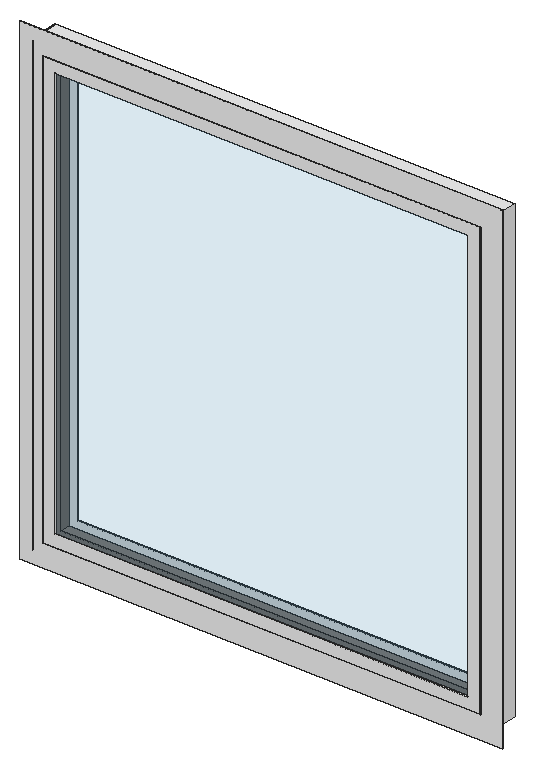
Revit family "Casement_28_D_Side_Hung_Standard", category Windows, host Wall, Revit 2014
Parameters (values of type "Casement_Sash_DG")
  Width Sash [instance] = 30 mm
  Width Sash Inner = 15 mm
  Width Bead = 15 mm
  Top Hung [instance] = yes
  Side Hung Right [instance] = yes
  Side Hung Left [instance] = yes
  Sash Opening Width [instance] = 600 mm
  Sash Opening Height [instance] = 600.312 mm
  Sash Lip = 15 mm
  Glazing Material [instance] = Glass
  DG Start Piece 2 [instance] = DG End Piece 1 + DG Gasket Thickness  # 25 mm
  DG Start Peice 1 [instance] = (Depth Sash - (2 * DG Glazing Thickness) - DG Gasket Thickness) / 2  # 6.6 mm
  Glazing Offset = 5 mm
  DG Glazing Thickness [instance] = 6.4 mm
  DG Gasket Thickness = 12 mm  # constant formula
  DG Gasket Material [instance] = Double Glazing Gasket Material
  DG End Piece 2 [instance] = DG Start Piece 2 + DG Glazing Thickness  # 31.4 mm
  DG End Piece 1 [instance] = DG Start Peice 1 + DG Glazing Thickness  # 13 mm
  Depth Sash [instance] = 38 mm
  Center Vertical Sash [instance] = Sash Opening Height / 2  # 300.156 mm
  Center Horizontal Sash [instance] = Sash Opening Width / 2  # 300 mm
  Bottom Hung [instance] = yes
  Bead Offset = 15 mm
  Aluminium Thickness = 1 mm
  Aluminium Material [instance] = White Powder Coated Aluminium
Reference planes
  plane 1 "Center (Front/Back)": y = 0
  plane 2: z = 0
  plane 3 "Center (Left/Right)": x = 0
Forms (mm)
  Sweep 1, solid, material "White Powder Coated Aluminium" <- "Aluminium Material"
    path origin (16.177, 0, 121.331) x (1, 0, 0) y (0, 0, 1)
      loop
        line (0, 0) -> (600, 0) -> (600, 600.312) -> (0, 600.312) -> (0, 0)
    profile origin (316.177, 0, 121.331) x (0, 0, 1) y (0, -1, 0)
      loop
        line (0, 0) -> (30, 0) -> (30, 1) -> (15, 1) -> (15, 38) -> (-15, 38) -> (-15, 37) -> (0, 37) -> (0, 0)
      loop
        line (14, 1) -> (14, 37) -> (1, 37) -> (1, 1) -> (14, 1)
  Sweep 2, solid, material "White Powder Coated Aluminium" <- "Aluminium Material"
    path origin (0, 0, 0) x (1, 0, 0) y (0, 0, 1)
      loop
        line (31.177, 706.643) -> (31.177, 136.331) -> (601.177, 136.331) -> (601.177, 706.643) -> (31.177, 706.643)
    profile origin (316.177, 0, 706.643) x (0, 0, 1) y (0, -1, 0)
      loop
        line (0, 37) -> (0, 38) -> (-15, 38) -> (-15, 37) -> (0, 37)
  Extrusion 3, solid, material "Glass" <- "Glazing Material"
    sketch origin (0, 0, 0) x (1, 0, 0) y (0, 0, 1)
      loop
        line (36.177, 701.643) -> (36.177, 141.331) -> (596.177, 141.331) -> (596.177, 701.643) -> (36.177, 701.643)
    from 6.6 <- "DG Start Peice 1" to 13 <- "DG End Piece 1"
  Extrusion 4, solid, material "Glass" <- "Glazing Material"
    sketch origin (0, 0, 0) x (1, 0, 0) y (0, 0, 1)
      loop
        line (36.177, 701.643) -> (36.177, 141.331) -> (596.177, 141.331) -> (596.177, 701.643) -> (36.177, 701.643)
    from 31.4 <- "DG End Piece 2" to 25 <- "DG Start Piece 2"
  Sweep 5, solid, material "Double Glazing Gasket Material" <- "DG Gasket Material"
    path origin (0, -13, 0) x (1, 0, 0) y (0, 0, 1)
      loop
        line (36.177, 701.643) -> (36.177, 141.331) -> (596.177, 141.331) -> (596.177, 701.643) -> (36.177, 701.643)
    profile origin (316.177, -13, 701.643) x (0, 0, 1) y (0, -1, 0)
      loop
        line (0, 0) -> (0, 12) -> (-7.96, 12) -> (-7.96, 0) -> (0, 0)
Lines and regions (mm)
  model lines
    curve 1: line (1.177, -38, 736.643) -> (31.177, -38, 706.643)
    curve 2: line (601.177, -38, 706.643) -> (631.177, -38, 736.643)
    curve 3: line (601.177, -38, 136.331) -> (631.177, -38, 106.331)
    curve 4: line (1.177, -38, 106.331) -> (31.177, -38, 136.331)
    curve 5: line (631.177, -37, 736.643) -> (616.177, -37, 721.643)
    curve 6: line (1.177, -37, 736.643) -> (16.177, -37, 721.643)
    curve 7: line (1.177, -37, 106.331) -> (16.177, -37, 121.331)
    curve 8: line (631.177, -37, 106.331) -> (616.177, -37, 121.331)
    curve 9: line (616.177, 0, 121.331) -> (586.177, 0, 151.331)
    curve 10: line (46.177, 0, 151.331) -> (16.177, 0, 121.331)
    curve 11: line (616.177, 0, 721.643) -> (586.177, 0, 691.643)
    curve 12: line (46.177, 0, 691.643) -> (16.177, 0, 721.643)
    curve 13: line (31.177, -38, 691.643) -> (46.177, -38, 691.643)
    curve 14: line (586.177, -38, 691.643) -> (601.177, -38, 691.643)
    curve 15: line (586.177, -38, 151.331) -> (601.177, -38, 151.331)
    curve 16: line (31.177, -38, 151.331) -> (46.177, -38, 151.331)
  model lines, style "GenericModelHiddenLines", visible <- "Top Hung"
    curve 17: line (46.386, -31.4, 690.914) -> (316.177, -31.4, 151.331)
    curve 18: line (316.177, -31.4, 151.331) -> (586.177, -31.4, 691.331)
  model lines, style "GenericModelHiddenLines", visible <- "Bottom Hung"
    curve 19: line (46.177, -31.4, 151.331) -> (316.177, -31.4, 691.331)
    curve 20: line (316.177, -31.4, 691.331) -> (586.177, -31.4, 151.331)
  model lines, style "GenericModelHiddenLines", visible <- "Side Hung Left"
    curve 21: line (46.386, -31.4, 690.914) -> (585.24, -31.4, 421.487)
    curve 22: line (585.24, -31.4, 421.487) -> (46.177, -31.4, 151.331)
  model lines, style "GenericModelHiddenLines", visible <- "Side Hung Right"
    curve 23: line (586.177, -31.4, 691.331) -> (46.177, -31.4, 421.487)
    curve 24: line (46.177, -31.4, 421.487) -> (586.177, -31.4, 151.331)
Dimensions and locks
  "Aluminium Thickness": Sweep 1 sketch curve to Sweep 1 sketch curve  (x4)
  "Depth Sash": Sweep 1 sketch curve to Sweep 1 sketch curve
  "Sash Opening Width": Sweep 1 to Sweep 1
  "Sash Opening Height": Sweep 1 to Sweep 1
  "Width Sash": Sweep 1 sketch curve to Sweep 1 sketch curve  (x2)
  "Width Sash Inner": Sweep 1 sketch curve to Sweep 1 sketch curve
  "Sash Lip": Sweep 1 sketch curve to Sweep 1 sketch curve
  "Aluminium Thickness": Sweep 1 to Sweep 2 sketch curve
  "Glazing Offset": Sweep 2 to Extrusion 3 sketch curve  (x3)
  "Glazing Offset": Extrusion 3 sketch curve to Sweep 2
  Sweep 1 to Sweep 1 = 1 mm
  "Aluminium Thickness": Sweep 2 sketch curve to Sweep 2 sketch curve
  "Width Bead": Sweep 2 sketch curve to Sweep 2 sketch curve
  locked: Sweep 5 sketch curve to Sweep 5 sketch curve at 7.96
  "Center Horizontal Sash": Sweep 1 to curve 18
  "Center Horizontal Sash": Sweep 1 to curve 20
  "Center Vertical Sash": Sweep 1 to curve 22
  "Center Vertical Sash": Sweep 1 to curve 24
  aligned and locked: level to plane 2
  aligned and locked: Sweep 1 sketch curve to Sweep 1 sketch curve  (x2)
  aligned and locked: Sweep 2 sketch curve to Sweep 1  (x5)
  aligned and locked: Extrusion 4 sketch curve to Extrusion 3  (x4)
  aligned and locked: Sweep 5 sketch curve to Extrusion 3  (x5)
  aligned and locked: Extrusion 3 to Sweep 5 sketch curve
Automatic sketch dimensions
  plane 3 "Center (Left/Right)" to Sweep 1 sketch curve = 16.177 mm
  level to Sweep 1 sketch curve = 121.331 mm
  plane 3 "Center (Left/Right)" to Sweep 1 sketch curve = 616.177 mm
  level to Sweep 1 sketch curve = 721.643 mm
  profile plane to Sweep 5 sketch curve = 12 mm
  curve 7 to Sweep 1 = 0 mm  (x4)
  curve 6 to Sweep 1 = 0 mm  (x3)
  Sweep 1 to curve 6 = 0 mm
  curve 5 to Sweep 1 = 0 mm  (x3)
  curve 8 to Sweep 1 = 0 mm  (x4)
  Sweep 1 to curve 5 = 0 mm
  curve 16 to Sweep 2 = 0 mm  (x3)
  curve 13 to Sweep 2 = 0 mm  (x3)
  curve 15 to Sweep 2 = 0 mm
  Sweep 2 to curve 15 = 0 mm  (x2)
  curve 14 to Sweep 2 = 0 mm  (x2)
  Sweep 2 to curve 14 = 0 mm
  curve 1 to Sweep 1 = 0 mm  (x4)
  curve 4 to Sweep 1 = 0 mm  (x3)
  Sweep 1 to curve 4 = 0 mm
  curve 3 to Sweep 1 = 0 mm  (x3)
  curve 2 to Sweep 1 = 0 mm  (x4)
  Sweep 1 to curve 3 = 0 mm
  curve 10 to Sweep 1 = 0 mm  (x4)
  curve 12 to Sweep 1 = 0 mm  (x3)
  Sweep 1 to curve 12 = 0 mm
  curve 9 to Sweep 1 = 0 mm  (x4)
  curve 11 to Sweep 1 = 0 mm  (x3)
  Sweep 1 to curve 11 = 0 mm
  Sweep 1 sketch curve to plane 1 "Center (Front/Back)" = 0 mm
  profile plane to Sweep 1 sketch curve = 0 mm
  curve 21 to Extrusion 4 = 10.208 mm
  curve 19 to Extrusion 4 = 10 mm
  curve 23 to Extrusion 4 = 10 mm  (x2)
  curve 22 to Extrusion 4 = 10.937 mm
  curve 20 to Extrusion 4 = 10 mm
  curve 24 to Extrusion 4 = 10 mm
  curve 22 to Extrusion 4 = 10 mm
  curve 18 to Extrusion 4 = 10 mm
  curve 21 to Extrusion 4 = 10.729 mm
  curve 19 to Extrusion 4 = 10.312 mm
  curve 18 to Extrusion 4 = 10.312 mm
Types in the file's own list only (6): name | Windload Design | Width Sash Opening | Width Sash | Width Profile | Width Panel 3 | Width Panel 1 | Width | URL | Offset Window Exterior | Max Pane Area | Limit Fixed Pane Height Min | Limit Fixed Pane Height Max | Intruderprufe U Value | Intruderprufe SHGC Value | Intruderprufe LowE U Value | Intruderprufe LowE SHGC Value | Height | Energy Advantage U Value | Energy Advantage SHGC Value | Custom Window Width | Custom Window Height | Window Exterior Offset | Custom Windload | Sash Width | Custom Sash Height | Single Glazing | Sash Spacing Inner | Sash Overlap | Sash Center Offset | SG Gasket Thickness | Offset Sash Left | Offset Sash Top | Offset Panel 3 Bead Top | Offset Transom Top | Offset Bead SG Center Reversed | Model | Manufacturer | Limit Window Width Min | Limit Window Width Max | Limit Window Height Min | Limit Window Height Max | Limit Sash Width Min | Limit Sash Width Max | Limit Sash Height Min | Limit Sash Height Max | Length Transom | Height Sash Opening | Height Sash | Height Panel 3 | Height Panel 1 | Description | Frame Center Offset | Depth Bead | Default Sill Height | Wall Closure | Clearvue U Value | Clearvue SHGC Value | Casement Dimension | Bead SG Gap | Area Pane Top | Area Pane Bottom
  28-0615S-1000Pa | 1000 mm | 544 mm | 514 mm | 30 mm | 530 mm | 530 mm | 590 mm | "http://www.crealco.co.za/crealco-products.php" | 14 mm | 0.51 m² | 200 mm | 1800 mm | 6.08 | 0.556 | 4.65 | 0.489 | 1490 mm | 4.71 | 0.53 | 590 mm | 1490 mm | 0 mm | 1000 mm | 544 mm | 1154 mm | Yes | 8 mm | 7 mm | 11 mm | 6 mm | 23 mm | 23 mm | 1200 mm | 1170 mm | 14 mm | "Casement 28" | "Crealco" | 346 mm | 646 mm | 1430 mm | 3030 mm | 300 mm | 600 mm | 300 mm | 1200 mm | 530 mm | 1154 mm | 1124 mm | 260 mm | 1140 mm | "Window 28mm, Type D side hung" | 14 mm | 14 mm | 800 mm | By host | 6.13 | 0.581 | 28 mm | 13 mm | 0.51 m² | 0.13 m²
  28-0618S-1000Pa | 1000 mm | 544 mm | 514 mm | 30 mm | 530 mm | 530 mm | 590 mm | "http://www.crealco.co.za/crealco-products.php" | 14 mm | 0.51 m² | 200 mm | 1800 mm | 6.04 | 0.577 | 4.56 | 0.508 | 1790 mm | 4.63 | 0.549 | 590 mm | 1790 mm | 0 mm | 1000 mm | 544 mm | 1154 mm | Yes | 8 mm | 7 mm | 11 mm | 6 mm | 23 mm | 23 mm | 1200 mm | 1170 mm | 14 mm | "Casement 28" | "Crealco" | 346 mm | 646 mm | 1430 mm | 3030 mm | 300 mm | 600 mm | 300 mm | 1200 mm | 530 mm | 1154 mm | 1124 mm | 560 mm | 1140 mm | "Window 28mm, Type D side hung" | 14 mm | 14 mm | 800 mm | By host | 6.11 | 605 | 28 mm | 13 mm | 0.51 m² | 0.29 m²
  28-0615S-1500Pa | 1500 mm | 544 mm | 514 mm | 30 mm | 530 mm | 530 mm | 590 mm | "http://www.crealco.co.za/crealco-products.php" | 14 mm | 0.51 m² | 200 mm | 1800 mm | 6.08 | 0.556 | 4.65 | 0.489 | 1490 mm | 4.71 | 0.53 | 590 mm | 1490 mm | 0 mm | 1500 mm | 544 mm | 1154 mm | Yes | 8 mm | 7 mm | 11 mm | 6 mm | 23 mm | 23 mm | 1200 mm | 1170 mm | 14 mm | "Casement 28" | "Crealco" | 346 mm | 646 mm | 1430 mm | 3030 mm | 300 mm | 600 mm | 300 mm | 1200 mm | 530 mm | 1154 mm | 1124 mm | 260 mm | 1140 mm | "Window 28mm, Type D side hung" | 14 mm | 14 mm | 800 mm | By host | 6.13 | 0.581 | 28 mm | 13 mm | 0.51 m² | 0.13 m²
  28-0615S-2000Pa | 2000 mm | 544 mm | 514 mm | 30 mm | 530 mm | 530 mm | 590 mm | "http://www.crealco.co.za/crealco-products.php" | 14 mm | 0.51 m² | 200 mm | 1800 mm | 6.08 | 0.556 | 4.65 | 0.489 | 1490 mm | 4.71 | 0.53 | 590 mm | 1490 mm | 0 mm | 2000 mm | 544 mm | 1154 mm | Yes | 8 mm | 7 mm | 11 mm | 6 mm | 23 mm | 23 mm | 1200 mm | 1170 mm | 14 mm | "Casement 28" | "Crealco" | 346 mm | 646 mm | 1430 mm | 3030 mm | 300 mm | 600 mm | 300 mm | 1200 mm | 530 mm | 1154 mm | 1124 mm | 260 mm | 1140 mm | "Window 28mm, Type D side hung" | 14 mm | 14 mm | 800 mm | By host | 6.13 | 0.581 | 28 mm | 13 mm | 0.51 m² | 0.13 m²
  28-0618S-1500Pa | 1500 mm | 544 mm | 514 mm | 30 mm | 530 mm | 530 mm | 590 mm | "http://www.crealco.co.za/crealco-products.php" | 14 mm | 0.51 m² | 200 mm | 1800 mm | 6.04 | 0.577 | 4.56 | 0.508 | 1790 mm | 4.63 | 0.549 | 590 mm | 1790 mm | 0 mm | 1500 mm | 544 mm | 1154 mm | Yes | 8 mm | 7 mm | 11 mm | 6 mm | 23 mm | 23 mm | 1200 mm | 1170 mm | 14 mm | "Casement 28" | "Crealco" | 346 mm | 646 mm | 1430 mm | 3030 mm | 300 mm | 600 mm | 300 mm | 1200 mm | 530 mm | 1154 mm | 1124 mm | 560 mm | 1140 mm | "Window 28mm, Type D side hung" | 14 mm | 14 mm | 800 mm | By host | 6.11 | 605 | 28 mm | 13 mm | 0.51 m² | 0.29 m²
  28-0618S-2000Pa | 2000 mm | 544 mm | 514 mm | 30 mm | 530 mm | 530 mm | 590 mm | "http://www.crealco.co.za/crealco-products.php" | 14 mm | 0.51 m² | 200 mm | 1800 mm | 6.04 | 0.577 | 4.56 | 0.508 | 1790 mm | 4.63 | 0.549 | 590 mm | 1790 mm | 0 mm | 2000 mm | 544 mm | 1154 mm | Yes | 8 mm | 7 mm | 11 mm | 6 mm | 23 mm | 23 mm | 1200 mm | 1170 mm | 14 mm | "Casement 28" | "Crealco" | 346 mm | 646 mm | 1430 mm | 3030 mm | 300 mm | 600 mm | 300 mm | 1200 mm | 530 mm | 1154 mm | 1124 mm | 560 mm | 1140 mm | "Window 28mm, Type D side hung" | 14 mm | 14 mm | 800 mm | By host | 6.11 | 605 | 28 mm | 13 mm | 0.51 m² | 0.29 m²
